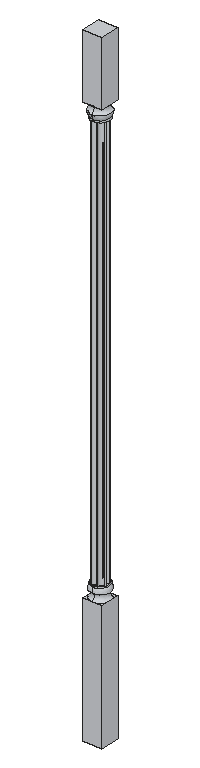
Revit family "235", category Balusters, Revit 2019
Family settings
  OmniClass Number = 23.30.80.11.11.14
  OmniClass Title = Posts, Newel Posts, Pickets
  Always vertical = Yes
  Cut with Voids When Loaded = No
  Shared = No
Parameters
  URL = "https://www.juliusblum.com/"
  built-in parameter 1008623 [instance] = 0.56671 (stored number, unit not read)
  built-in parameter 1008625 [instance] = (empty or 0)
  Post = no
  Model = "235"
  Manufacturer = "Julius Blum & Co Inc."
  Description = "Julius Blum & Co Inc. supplies stock material only and does not offer custom design, fabricating or installation services."
  built-in parameter 1008624 [instance] = 0.56671 (stored number, unit not read)
  built-in parameter 1008622 [instance] = 3' - 4"
Reference planes (in)
  plane 1 "Center (Front/Back)": y = 0
  plane 2: z = 0
  plane 3 "Center (Left/Right)": x = 0
  plane 4 "Top": z = 40
  plane 5 "Top of Post": z = 40
  plane 6: x = 0.625
  plane 7: x = -0.625
  plane 8: y = -0.625
  plane 9: y = 0.625
  plane 10: z = 8.01806
  plane 11: z = 8.88369
  plane 12: z = 35.06164
  plane 13: z = 35.97679
Forms (in)
  Extrusion 1, solid
    sketch origin (0, 0, 0) x (1, 0, 0) y (0, 1, 0)
      loop
        line (-0.625, 0.625) -> (-0.625, -0.625) -> (0.625, -0.625) -> (0.625, 0.625) -> (-0.625, 0.625)
    from 0 to 8.01806
  Extrusion 2, solid
    sketch origin (0, 0.75, 35.97679) x (-1, 0, 0) y (0, 1, 0)
      loop
        line (0.625, -1.375) -> (0.625, -0.125) -> (-0.625, -0.125) -> (-0.625, -1.375) -> (0.625, -1.375)
    from 0 to -4.02321
  Revolve 3, solid
    sketch origin (0, 0, 0) x (0, 1, 0) y (0, 0, 1)
      loop
        arc (0.60432, 8.01806) -> (0.42925, 8.27838) -> (0.625, 8.52354) r 0.26518
        arc (0.625, 8.52354) -> (0.59544, 8.69123) -> (0.51373, 8.84063) r 0.52474
        line (0.51373, 8.84063) -> (0.54467, 8.84063) -> (0.54467, 8.88369) -> (0, 8.88369) -> (0, 8.01806) -> (0.60432, 8.01806)
      loop
        line (0.64063, 35.97679) -> (0, 35.97679) -> (0, 35.06164) -> (0.56535, 35.06164) -> (0.56535, 35.14426) -> (0.53424, 35.14426)
        arc (0.53424, 35.14426) -> (0.62216, 35.29866) -> (0.65351, 35.47355) r 0.52474
        arc (0.65351, 35.47355) -> (0.46542, 35.72052) -> (0.64063, 35.97679) r 0.26518
      axis (0, 8.01806) -> (0, 35.97679)
    angle from 0 to 360
  Extrusion 4, solid
    sketch origin (0, 0.75, 8.88369) x (-1, 0, 0) y (0, 1, 0)
      loop
        arc (0.45614, -0.5937) -> (0.44547, -0.56548) -> (0.43306, -0.53798) r 0.48217
        arc (0.43306, -0.53798) -> (0.22891, -0.52109) -> (0.21202, -0.31694) r 0.15845
        arc (0.21202, -0.31694) -> (0.18452, -0.30453) -> (0.1563, -0.29386) r 0.48217
        arc (0.1563, -0.29386) -> (0, -0.42628) -> (-0.1563, -0.29386) r 0.15845
        arc (-0.1563, -0.29386) -> (-0.18452, -0.30453) -> (-0.21202, -0.31694) r 0.48217
        arc (-0.21202, -0.31694) -> (-0.22891, -0.52109) -> (-0.43306, -0.53798) r 0.15845
        arc (-0.43306, -0.53798) -> (-0.44547, -0.56548) -> (-0.45614, -0.5937) r 0.48217
        arc (-0.45614, -0.5937) -> (-0.32372, -0.75) -> (-0.45614, -0.9063) r 0.15845
        arc (-0.45614, -0.9063) -> (-0.44547, -0.93452) -> (-0.43306, -0.96202) r 0.48217
        arc (-0.43306, -0.96202) -> (-0.22891, -0.97891) -> (-0.21202, -1.18306) r 0.15845
        arc (-0.21202, -1.18306) -> (-0.18452, -1.19547) -> (-0.1563, -1.20614) r 0.48217
        arc (-0.1563, -1.20614) -> (0, -1.07372) -> (0.1563, -1.20614) r 0.15845
        arc (0.1563, -1.20614) -> (0.18452, -1.19547) -> (0.21202, -1.18306) r 0.48217
        arc (0.21202, -1.18306) -> (0.22891, -0.97891) -> (0.43306, -0.96202) r 0.15845
        arc (0.43306, -0.96202) -> (0.44547, -0.93452) -> (0.45614, -0.9063) r 0.48217
        arc (0.45614, -0.9063) -> (0.32372, -0.75) -> (0.45614, -0.5937) r 0.15845
    from 0 to -26.17795
Text (in)
  text "Baluster Post Elevation" at (0, 56.5946, 48.5925), in view "Left"
Dimensions and locks (in)
  "built-in parameter 1008622": plane 2 to plane 4 "Top"
  plane 9 to plane 8 = 0' - 1 1/4"
  equal spacing: plane 9, plane 1 "Center (Front/Back)", plane 8
  plane 9 to plane 1 "Center (Front/Back)" = 0' - 0 5/8"
  equal spacing: plane 7, plane 3 "Center (Left/Right)", plane 6
  plane 7 to plane 6 = 0' - 1 1/4"
  aligned and locked: plane 2 to level
  aligned and locked: Extrusion 1 to plane 10
Automatic sketch dimensions
  Extrusion 1 sketch curve to plane 7 = 0' - 0"
  Extrusion 1 sketch curve to plane 6 = 0' - 0"
  plane 8 to Extrusion 1 sketch curve = 0' - 0"
  Extrusion 1 sketch curve to plane 9 = 0' - 0"
  Extrusion 2 sketch curve to plane 6 = 0' - 0"
  Extrusion 2 sketch curve to plane 7 = 0' - 0"
  Extrusion 2 sketch curve to plane 9 = 0' - 0"
  plane 8 to Extrusion 2 sketch curve = 0' - 0"
  Revolve 3 sketch curve to plane 1 "Center (Front/Back)" = 0' - 0"  (x3)
  plane 11 to Revolve 3 sketch curve = 0' - 0"
  plane 12 to Revolve 3 sketch curve = 0' - 0"
  plane 10 to Revolve 3 sketch curve = 0' - 0"
  Revolve 3 sketch curve to plane 9 = 0' - 0"
  plane 9 to Revolve 3 sketch curve = 0' - 0 1/64"
  plane 13 to Revolve 3 sketch curve = 0' - 0"
  Revolve 3 sketch curve to plane 1 "Center (Front/Back)" = 0' - 0.10029"
  Revolve 3 sketch curve to plane 1 "Center (Front/Back)" = 0' - 0.12878"
  plane 11 to Revolve 3 sketch curve = 0' - 0.04306"
  Revolve 3 sketch curve to plane 9 = 0' - 0.11127"
  Revolve 3 sketch curve to plane 9 = 0' - 0.09076"
  Revolve 3 sketch curve to Revolve 3 sketch curve = 0' - 0.03094"
  Revolve 3 sketch curve to Revolve 3 sketch curve = 0' - 0.03112"
  Revolve 3 sketch curve to plane 9 = 0' - 0.02068"
  plane 9 to Revolve 3 sketch curve = 0' - 0.06921"
  plane 9 to Revolve 3 sketch curve = 0' - 0.10551"
  Revolve 3 sketch curve to plane 10 = 0' - 0.24948"
  Revolve 3 sketch curve to plane 12 = 0' - 0.08262"
  Revolve 3 sketch curve to plane 12 = 0' - 0.41573"
  Revolve 3 sketch curve to Revolve 3 sketch curve = 0' - 0.24948"
  plane 10 to Revolve 3 sketch curve = 0' - 0.44866"
  Revolve 3 sketch curve to Revolve 3 sketch curve = 0' - 0.34466"
  plane 1 "Center (Front/Back)" to Extrusion 4 sketch curve = 0' - 0"  (x3)
  Extrusion 4 sketch curve to plane 3 "Center (Left/Right)" = 0' - 0"  (x3)
  Extrusion 4 sketch curve to plane 6 = 0' - 0.14283"
  Extrusion 4 sketch curve to plane 7 = 0' - 0.14283"
  Extrusion 4 sketch curve to plane 9 = 0' - 0.14283"
  Extrusion 4 sketch curve to plane 8 = 0' - 0.14283"
  Extrusion 4 sketch curve to Extrusion 4 sketch curve = 0' - 0"  (x22)
  Extrusion 4 sketch curve to Extrusion 4 sketch curve = 0' - 0.09211"  (x5)
  Extrusion 4 sketch curve to plane 1 "Center (Front/Back)" = 0' - 0.1563"
  plane 3 "Center (Left/Right)" to Extrusion 4 sketch curve = 0' - 0.1563"
  Extrusion 4 sketch curve to Extrusion 4 sketch curve = 0' - 0.12893"  (x4)
  plane 1 "Center (Front/Back)" to Extrusion 4 sketch curve = 0' - 0.1563"
  Extrusion 4 sketch curve to plane 3 "Center (Left/Right)" = 0' - 0.1563"
  Extrusion 4 sketch curve to Extrusion 4 sketch curve = 0' - 0.02603"
  Extrusion 4 sketch curve to Extrusion 4 sketch curve = 0' - 0.02308"  (x2)
  Extrusion 4 sketch curve to Extrusion 4 sketch curve = 0' - 0.11519"  (x2)
  Extrusion 4 sketch curve to Extrusion 4 sketch curve = 0' - 0.05572"  (x2)
  radius of Extrusion 4 sketch curve = 0' - 0.15845"  (x4)
